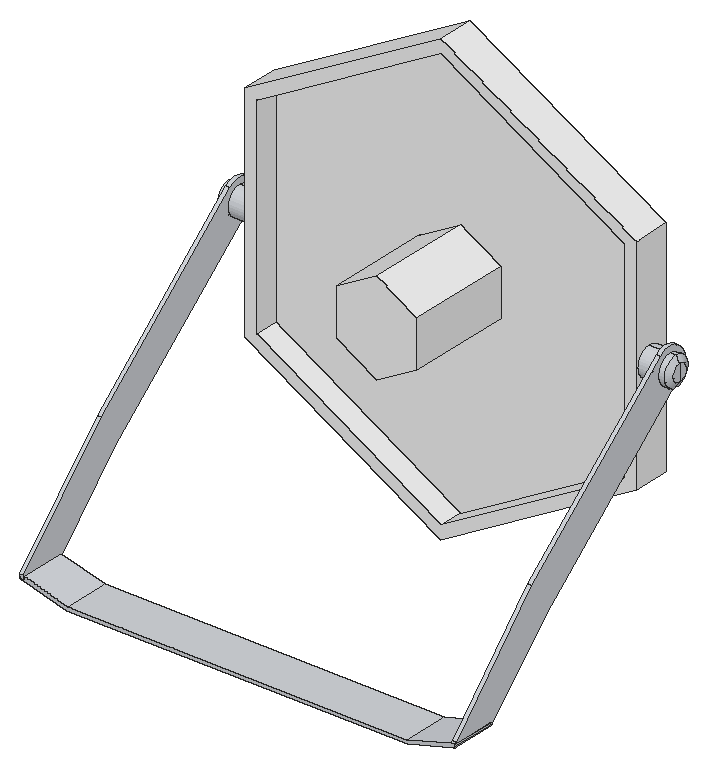
Revit family "Lighting-Proiezione-GEWISS-ESALITE-FL-PROIETTORI-LED_24K_DALI", category Apparecchi per illuminazione, host Superficie, Revit 2019
Family settings
  Host = Superficie
  Quota connettore circolare = Usa diametro
  Tipo di parte = Normale
  Taglio con vuoti quando caricato = No
  Sorgente d'illuminazione = Sì
  Condiviso = No
  Punto di calcolo locali = Sì
Parameters (values of type "GWS6455GD57K - ESALITE 24K ELL.5700K PRO+V.GR.DALI")
  Wattage = 9.2903 W
  Versioni = "Luce fredda 5700K"
  Versione file RFA = "20.11"
  Variazione temperatura colore lampada con luminosità attenuata = (empty or 0)
  VISIBILITA' SIMBOLO [instance] = yes
  VISIBILITA' LAMPADA PIANTA-LATERALE [instance] = not(VISIBILITA' SIMBOLO)  # no
  VISIBILITA' ETICHETTA [instance] = yes
  V = 0 V
  URL = "https://www.gewiss.com/it/it"
  Tipo alimentatore = "Driver Led Dali"
  Tensione = "220/240 V - 50/60 Hz"
  Temperatura di utilizzo = "-30 +50 °C"
  Temperatura di colore: = "5700 K (CRI>80)"
  built-in parameter 1150107 = 3200 (stored number, unit not read)
  Spostamento_y_effettivo_ET [instance] = 4000 mm - Spostamento_y_ET  # 2119.2 mm
  Spostamento_y_ET [instance] = 1880.8 mm
  Spostamento_X_effettivo_ET [instance] = 4000 mm - Spostamento_X_ET  # 3850.6 mm
  Spostamento_X_ET [instance] = 149.4 mm
  Schermo = "Vetro temprato"
  Scheda Tecnica = "https://www.gewiss.com/it/it/search?q=GWS6455GD57K"
  STAFFA = none
  SEO = "Proiettore"
  Resistenza alle sovratensioni : = "8KV in modalità comune; 6KV in modalità differenziale"
  Resistenza agli urti = "IK08"
  Default Elevation = 1219.2 mm
  Produttore = "GEWISS S.p.A."
  Potenza di sitema = "Wxxx"
  Potenza di sistema = "210W"
  Peso (kg): = "13,7"
  built-in parameter 1150110 = 1 (stored number, unit not read)
  built-in parameter 1150109 = 1 (stored number, unit not read)
  built-in parameter 1114218 = 1 (stored number, unit not read)
  built-in parameter 1150112 = 1 (stored number, unit not read)
  Ottica = "Ellittica"
  Numero poli = 1
  Modello = "GWS6455GD57K"
  built-in parameter 1150137 = (empty or 0)
  built-in parameter 1150132 = (empty or 0)
  Lumen output (lm) = "22200"
  Life time L90B10 (Tq 50Â°C) = "44000H"
  Life time L90B10 (Tq 25Â°C) = "100000H"
  Lampada: = "LED - Non sostituibile"
  built-in parameter 1150105 = 109.82 (stored number, unit not read)
  built-in parameter 1150102 = (empty or 0)
  Type Image = ESALITE_FL.jpg
  built-in parameter 1150106 = 1.0982 (stored number, unit not read)
  IDT = "f7a9a771bf584c71b29cfc4a92707170"
  IDF = "5aec9055-4099-401f-a7fb-c27d525fc254"
  Grado di protezione = "IP66"
  Garanzia = "5 anni"
  Flusso nominale (lm) = "29000"
  Lumens = 1380 lm
  Color Filter = 16777215
  File diagramma fotometrico = "GWS6455GD57K.IES"
  built-in parameter 1114217 = 1 (stored number, unit not read)
  built-in parameter 1150139 = (empty or 0)
  Emetti da lunghezza linea = 20 mm
  built-in parameter 1150104 = 13.8 (stored number, unit not read)
  built-in parameter 1150115 = 1 (stored number, unit not read)
  built-in parameter 1150114 = 1 (stored number, unit not read)
  built-in parameter 1150113 = 1 (stored number, unit not read)
  Descrizione = "ESALITE 24K ELL.5700K PRO+V.GR.DALI"
  Creato da GEWISS S.p.A. = ""
  Corrente di pilotaggio. = "0,9A"
  built-in parameter 1150134 = 3
  built-in parameter 1150138 = (empty or 0)
  Colore = "Grigio RAL 9006"
  Codice Electrocod = "2444"
  Classe isolamento = "I"
  Classe di efficienza LED integrati = "A ÷ A++"
  Catalogo Serie = "ESALITE FL - 24K"
  Catalogo = "LIGHTING"
  COBie.Tagnumber = ""
  COBie.CreatedOn = ""
  COBie.CreatebBy = ""
  COBie.ComponentRegisterItemID = ""
  COBie.Component.TagNumber = ""
  COBie.Component.Space = ""
  COBie.Component.SerialNumber = ""
  COBie.Component.InstallationDate = ""
  COBie.Component.Description = ""
  COBie.Component.BarCode = ""
  Applicazione = "Interno / Esterno"
  Tilt Angle = -90.00°
  built-in parameter 1150133 = 10 (stored number, unit not read)
Reference planes
  plane 1 "Centro (Fronte/Retro)": y = 0
  plane 2: z = 0
  plane 3 "Centro (Sinistra/Destra)": x = 0
  plane 4: z = 123
  plane 5: x = -0.012
  plane 6: x = -3850.612
  plane 7: y = -2119.2
  plane 8: y = 0
  plane 9: through (-1779.2, -702.001, 1219.2) normal (0.4695, 0.8829, 0)
  plane 10: through (203.705, -1575.119, 1219.2) normal (-0.866, 0.5, 0)
  plane 11: x = -235.613
  plane 12: x = 230.804
  plane 13: y = 188.046
  plane 14: y = -188.046
  plane 15: x = 235.613
  plane 16: x = -287.654
Forms (mm)
  Extrusion 1, solid, material <- "STAFFA"
    sketch origin (0, 0, 0) x (0, 1, 0) y (0, 0, 1)
      loop
        line (165.701, 304.396) -> (-29.601, 140.518) -> (-143.465, 19.872) -> (-147.703, 19.872) -> (-147.703, 15.381) -> (-92.184, 15.381) -> (-9.063, 99.991) -> (194.11, 270.474)
        arc (194.11, 270.474) -> (196.85, 301.627) -> (165.701, 304.396) r 22.123
    from 235.613 to 230.804
  Extrusion 2, solid, material <- "STAFFA"
    sketch origin (0, 0, 0) x (0, 1, 0) y (0, 0, -1)
      loop
        arc (165.701, -304.396) -> (196.85, -301.627) -> (194.11, -270.474) r 22.123
        line (194.11, -270.474) -> (-9.063, -99.991) -> (-92.184, -15.381) -> (-147.703, -15.381) -> (-147.703, -20.3) -> (-29.601, -140.518) -> (165.701, -304.396)
    from 287.654 to 292.463
  Extrusion 3, solid, material <- "STAFFA"
    sketch origin (0, 0, 0) x (1, 0, 0) y (0, 0, 1)
      loop
        line (-291.22, 15.044) -> (-235.613, 0) -> (179.379, 0) -> (234.986, 15.044)
        arc (234.986, 15.044) -> (235.883, 15.646) -> (236.229, 16.669) r 1.683
        line (236.229, 16.669) -> (236.229, 19.259) -> (231.42, 19.259) -> (178.011, 4.809) -> (-234.244, 4.809) -> (-287.654, 19.259) -> (-292.463, 19.259) -> (-292.463, 16.669)
        arc (-292.463, 16.669) -> (-292.117, 15.646) -> (-291.22, 15.044) r 1.683
    from 92.231 to 147.703
  Revolve 4, solid, material <- "STAFFA"
    sketch origin (0, 179.315, 13.188) x (1, 0, 0) y (0, 0, 1)
      loop
        line (-304.219, 272.041) -> (-304.219, 262.041) -> (-299.896, 254.554) -> (-266.552, 254.554) -> (-266.552, 272.041) -> (-304.219, 272.041)
      axis (-304.219, 272.041) -> (-266.552, 272.041)
    angle from 0 to 360
  Revolve 5, solid, material <- "STAFFA"
    sketch origin (-56.234, 179.315, 13.188) x (-1, 0, 0) y (0, 0, -1)
      loop
        line (-304.219, -272.041) -> (-266.552, -272.041) -> (-266.552, -254.554) -> (-299.896, -254.554) -> (-304.219, -262.041) -> (-304.219, -272.041)
      axis (-304.219, -272.041) -> (-266.552, -272.041)
    angle from 0 to 360
Cuts and joins
  joined: Extrusion 1, Extrusion 3
Text (mm)
  text "B-A=C" at (-2005.323, -1167.131, 0), in view "Livello rif."
  text "D+A-C=B" at (1746.792, 582.509, 0), in view "Livello rif."
Dimensions and locks
  "Spostamento_X_effettivo_ET": plane 6 to plane 5
  plane 6 to plane 3 "Centro (Sinistra/Destra)" = 3850.612 mm
  "Spostamento_y_effettivo_ET": plane 8 to plane 7
  plane 1 "Centro (Fronte/Retro)" to plane 7 = 2119.2 mm
  plane 11 to plane 12 = 466.417 mm
  plane 13 to plane 14 = 376.092 mm
  plane 12 to plane 15 = 4.809 mm
  plane 12 to plane 5 to plane 11 = 230.816 mm, 235.601 mm
  equal spacing: plane 11, plane 3 "Centro (Sinistra/Destra)", plane 15
  angle plane 9 to plane 7 = 28.00°
  angle plane 7 to plane 6 = 90.00°
  aligned and locked: plane 2 to host face
  aligned and locked: level to host face
  aligned and locked: plane 3 "Centro (Sinistra/Destra)" to imposter light
  aligned and locked: plane 5 to nested 1
  aligned and locked: nested 1 to plane 8
  aligned and locked: plane 12 to Extrusion 1
  aligned and locked: plane 15 to Extrusion 1
  aligned and locked: nested 2 to imposter light
  aligned and locked: nested 5 to nested 2  (x2)
  aligned and locked: nested 6 to plane 2
  aligned and locked: nested 6 to imposter light
  aligned and locked: nested 8 to plane 3 "Centro (Sinistra/Destra)"
  aligned and locked: nested 5 to nested 9
  aligned and locked: nested 9 to nested 6
  aligned and locked: nested 8 to plane 13
Automatic sketch dimensions
  host sketch curve to host sketch curve = 2438.4 mm  (x2)
  level to Extrusion 1 sketch curve = 19.872 mm
  plane 14 to Extrusion 1 sketch curve = 40.343 mm
  Extrusion 1 sketch curve to Extrusion 1 sketch curve = 4.238 mm
  level to Extrusion 1 sketch curve = 15.381 mm
  Extrusion 1 sketch curve to Extrusion 1 sketch curve = 51.28 mm
  plane 1 "Centro (Fronte/Retro)" to Extrusion 1 sketch curve = 29.601 mm
  plane 1 "Centro (Fronte/Retro)" to Extrusion 1 sketch curve = 9.063 mm
  Extrusion 1 sketch curve to plane 13 = 22.346 mm
  Extrusion 1 sketch curve to plane 13 = 8.156 mm
  plane 4 to Extrusion 1 sketch curve = 23.009 mm
  Extrusion 1 sketch curve to plane 4 = 17.518 mm
  Extrusion 1 sketch curve to plane 4 = 164.422 mm
  Extrusion 1 sketch curve to Extrusion 1 sketch curve = 16.974 mm
  plane 13 to Extrusion 1 sketch curve = 6.064 mm
  Extrusion 1 sketch curve to Extrusion 1 sketch curve = 0 mm  (x2)
  level to Extrusion 2 sketch curve = 15.381 mm
  plane 14 to Extrusion 2 sketch curve = 40.343 mm
  Extrusion 2 sketch curve to Extrusion 2 sketch curve = 55.519 mm
  plane 1 "Centro (Fronte/Retro)" to Extrusion 2 sketch curve = 29.601 mm
  plane 1 "Centro (Fronte/Retro)" to Extrusion 2 sketch curve = 9.063 mm
  Extrusion 2 sketch curve to plane 13 = 22.346 mm
  Extrusion 2 sketch curve to plane 13 = 8.156 mm
  Extrusion 2 sketch curve to Extrusion 2 sketch curve = 4.919 mm
  plane 4 to Extrusion 2 sketch curve = 23.009 mm
  Extrusion 2 sketch curve to plane 4 = 17.518 mm
  Extrusion 2 sketch curve to plane 4 = 164.422 mm
  Extrusion 2 sketch curve to Extrusion 2 sketch curve = 16.974 mm
  plane 13 to Extrusion 2 sketch curve = 6.064 mm
  Extrusion 2 sketch curve to Extrusion 2 sketch curve = 0 mm  (x2)
  Extrusion 3 sketch curve to plane 16 = 0 mm
  Extrusion 3 sketch curve to level = 0 mm
  Extrusion 3 sketch curve to plane 11 = 0 mm
  Extrusion 3 sketch curve to plane 16 = 3.126 mm
  Extrusion 3 sketch curve to Extrusion 3 sketch curve = 0.44 mm
  Extrusion 3 sketch curve to Extrusion 3 sketch curve = 1.683 mm
  plane 11 to Extrusion 3 sketch curve = 1.369 mm
  level to Extrusion 3 sketch curve = 4.809 mm
  Extrusion 3 sketch curve to plane 12 = 52.793 mm
  Extrusion 3 sketch curve to Extrusion 3 sketch curve = 1.369 mm
  plane 12 to Extrusion 3 sketch curve = 0.616 mm
  plane 15 to Extrusion 3 sketch curve = 1.067 mm
  plane 15 to Extrusion 3 sketch curve = 0.627 mm
  Extrusion 3 sketch curve to plane 15 = 0.616 mm
  level to Extrusion 3 sketch curve = 15.044 mm  (x2)
  Extrusion 3 sketch curve to Extrusion 3 sketch curve = 2.59 mm  (x2)
  Revolve 4 sketch curve to plane 16 = 16.565 mm
  Revolve 4 sketch curve to Revolve 4 sketch curve = 4.323 mm
  plane 16 to Revolve 4 sketch curve = 21.102 mm
  Revolve 4 sketch curve to plane 4 = 144.742 mm
  Revolve 4 sketch curve to Revolve 4 sketch curve = 7.487 mm
  Revolve 4 sketch curve to Revolve 4 sketch curve = 10 mm
  Revolve 4 sketch curve to Revolve 4 sketch curve = 0 mm  (x3)
  Revolve 5 sketch curve to plane 15 = 12.372 mm
  Revolve 5 sketch curve to plane 15 = 8.049 mm
  Revolve 5 sketch curve to plane 12 = 20.486 mm
  Revolve 5 sketch curve to plane 4 = 162.229 mm
  Revolve 5 sketch curve to Revolve 5 sketch curve = 10 mm
  Revolve 5 sketch curve to Revolve 5 sketch curve = 7.487 mm
  Revolve 5 sketch curve to Revolve 5 sketch curve = 0 mm  (x3)
Nested families
  nested 1: "etichetta Potenza Lampada" at (-0.012, 0, 0), visible <- "VISIBILITA' ETICHETTA", type "etichetta Potenza Lampada"
  nested 2: "ESALITE FL 24K PROIETTORI_BASE" at (-27.728, 8.264, 288.309) x (0, 0, -1) z (0, 1, 0), type "ESALITE FL 24K PROIETTORI_BASE"
  nested 3: "FL_24k_front" at (0, 0, 0) x (1, 0, 0) z (0, -1, 0), visible <- "VISIBILITA' LAMPADA PIANTA-LATERALE", type "FL_24k_front"
  nested 4: "SIMB_2D" at (-26.728, 0, 263) x (1, 0, 0) z (0, -1, 0), visible <- "VISIBILITA' SIMBOLO", type "SIMB_2D"
  nested 5: "SIMB_2D" at (0, 93.725, 288.309) x (0, 1, 0) z (1, 0, 0), visible <- "VISIBILITA' SIMBOLO", type "SIMB_2D"
  nested 6: "Laterale - FL24" at (0, 148.948, 0) x (0, 1, 0) z (1, 0, 0), visible <- "VISIBILITA' LAMPADA PIANTA-LATERALE", type "Laterale - FL24"
  nested 7: "Dall'alto - FL24" at (-25, 253.14, 0) x (-1, 0, 0) z (0, 0, 1), visible <- "VISIBILITA' LAMPADA PIANTA-LATERALE", type "Dall'alto - FL24"
  nested 8: "SIMB_2D" at (-64.515, 188.046, 0), visible <- "VISIBILITA' SIMBOLO", type "SIMB_2D"
  nested 9: "SIMB_2D" at (0, 93.725, 288.309) x (0, 1, 0) z (1, 0, 0), visible <- "VISIBILITA' SIMBOLO", type "SIMB_2D"
Connectors
  electrical at (-27.543, 63.264, 288.251), driven by "Numero poli", driven by "V"
    settings: on nested 2, index 1, voltage 0 V, apparent load 0 VA, apparent load phase1 0 VA, apparent load phase2 0 VA, apparent load phase3 0 VA, power factor 1, load classification "Illuminazione", number of poles 1, system type 31, power factor state 1, is connector primary yes, connector utility no, sub classification motor no, connector description ""
Definition of nested family "ESALITE FL 24K PROIETTORI_BASE"
  Parameters (values of type "ESALITE FL 24K PROIETTORI_BASE")
    Schermatura interna = none
    Default Elevation = 1219.2 mm
    LED = none
    Corpo luce = none
  Reference planes
    plane 1 "Centro (Fronte/Retro)": y = 0
    plane 2: z = 0
    plane 3 "Centro (Sinistra/Destra)": x = 0
    plane 4: x = -145.163
    plane 5: x = 145.28
    plane 6: y = 126.226
    plane 7: y = -125.856
    plane 8: y = 55.469
    plane 9: y = -55.099
    plane 10: x = -63.671
    plane 11: x = 63.788
    plane 12: y = -123.856
    plane 13: y = 124.226
    plane 14: y = -112.535
    plane 15: y = 112.905
    plane 16: y = -22
    plane 17: y = 22
    plane 18: y = -108.017
    plane 19: y = 108.387
    plane 20: through (-28.293, 49.29, 1200) normal (0.866, -0.5, 0)
    plane 21: y = 49.29
    plane 22: through (28.409, 49.29, 1200) normal (0.866, 0.5, 0)
    plane 23: through (28.409, -48.92, 1200) normal (-0.866, 0.5, 0)
    plane 24: y = -48.92
    plane 25: through (-56.644, 0.185, 1200) normal (0.866, 0.5, 0)
    plane 26: through (-31.86, 55.469, 1200) normal (0.866, -0.5, 0)
    plane 27: through (-63.778, 0.185, 1200) normal (0.866, 0.5, 0)
    plane 28: y = -55.099
    plane 29: through (63.894, 0.185, 1200) normal (0.866, -0.5, 0)
    plane 30: through (63.894, 0.185, 1200) normal (-0.866, -0.5, 0)
    plane 31: y = 55.469
    plane 32: z = 123.439
    plane 33: through (-65.51, 1.185, 1200) normal (-0.866, 0.5, 0)
    plane 34: through (-33.592, -56.099, 1200) normal (-0.866, -0.5, 0)
    plane 35: through (-65.51, 1.185, 1200) normal (-0.866, 0.5, 0)
    plane 36: y = 57.469
    plane 37: through (33.708, 56.469, 1200) normal (0.866, 0.5, 0)
    plane 38: through (65.626, -0.815, 1200) normal (0.866, -0.5, 0)
    plane 39: y = -57.099
    plane 40: y = -1
    plane 41: y = 1
    plane 42: x = -1
    plane 43: x = 0
    plane 44: y = 105.387
    plane 45: y = -105.017
    plane 46: z = 130
    plane 47: y = -103.017
    plane 48: y = 103.387
    plane 49: x = 1
    plane 50: through (-108.857, 187.546, 1200) normal (0.866, -0.5, 0)
    plane 51: y = 188.046
    plane 52: y = 174.478
    plane 53: through (-101.456, 173.228, 1200) normal (0.866, -0.5, 0)
    plane 54: through (-216.848, -0.5, 1200) normal (0.866, 0.5, 0)
    plane 55: through (-200.748, -1.25, 1200) normal (0.866, 0.5, 0)
    plane 56: y = -188.046
    plane 57: y = -174.478
    plane 58: y = 188.046
    plane 59: y = 174.478
    plane 60: through (200.748, 1.25, 1200) normal (-0.866, -0.5, 0)
    plane 61: through (216.848, 0.5, 1200) normal (-0.866, -0.5, 0)
    plane 62: through (108.857, -187.546, 1200) normal (-0.866, 0.5, 0)
    plane 63: through (101.456, -173.228, 1200) normal (-0.866, 0.5, 0)
    plane 64: z = 89
    plane 65: z = 134
    plane 66: z = 108.133
    plane 67: z = 123.439
    plane 68: z = 117.439
    plane 69: z = 128.439
    plane 70: z = 27.205
    plane 71: z = 152.205
    plane 72: z = 197.205
    plane 73: z = 199.205
    plane 74: z = 192.205
    plane 75: z = 182.205
    plane 76: z = 187.205
    plane 77: z = 184.113
    plane 78: x = -263
    plane 79: x = 263
    plane 80: x = -107.366
    plane 81: x = 108.568
  Forms (mm)
    Extrusion 1, solid, material <- "Corpo luce"
      sketch origin (0, 0, 0) x (1, 0, 0) y (0, 1, 0)
        loop
          line (-28.293, 49.29) -> (-56.644, 0.185) -> (-28.293, -48.92) -> (28.409, -48.92) -> (56.76, 0.185) -> (28.409, 49.29) -> (-28.293, 49.29)
      from 199.205 to 55
    Extrusion 2, solid, material <- "Corpo luce"
      sketch origin (0, 0, 0) x (1, 0, 0) y (0, 1, 0)
        loop
          line (136.312, -237.421) -> (273.387, 0) -> (135.951, 238.046) -> (-134.701, 238.046) -> (-272.137, 0) -> (-135.062, -237.421) -> (136.312, -237.421)
        loop
          line (128.478, -223.853) -> (257.72, 0) -> (128.117, 224.478) -> (-126.867, 224.478) -> (-256.47, 0) -> (-127.228, -223.853) -> (128.478, -223.853)
      from 152.205 to 197.205
    Extrusion 3, solid, material <- "Corpo luce"
      sketch origin (0, 0, 0) x (1, 0, 0) y (0, 1, 0)
        loop
          line (-260.455, 0) -> (-130.169, -225.662) -> (130.286, -225.662) -> (260.572, 0) -> (130.286, 225.662) -> (-130.169, 225.662) -> (-260.455, 0)
        loop
          line (-28.293, 49.29) -> (-56.644, 0.185) -> (-28.293, -48.92) -> (28.409, -48.92) -> (56.76, 0.185) -> (28.409, 49.29) -> (-28.293, 49.29)
      from 182.205 to 192.205
    Extrusion 4, void
      sketch origin (0, 0, 0) x (1, 0, 0) y (0, 1, 0)
        loop
          arc (-218.132, 27.925) -> (-211.783, 21.224) -> (-202.889, 18.755) r 17.255
          line (-202.889, 18.755) -> (-129.361, 18.755)
          arc (-129.361, 18.755) -> (-111.731, 23.479) -> (-98.826, 36.385) r 35.259
          line (-98.826, 36.385) -> (-64.175, 96.401)
          arc (-64.175, 96.401) -> (-58.775, 101.801) -> (-51.398, 103.778) r 14.754
          line (-51.398, 103.778) -> (51.398, 103.778)
          arc (51.398, 103.778) -> (58.775, 101.801) -> (64.175, 96.401) r 14.754
          line (64.175, 96.401) -> (98.854, 36.336)
          arc (98.854, 36.336) -> (111.756, 23.465) -> (129.361, 18.755) r 35.259
          line (129.361, 18.755) -> (202.889, 18.755)
          arc (202.889, 18.755) -> (211.784, 21.225) -> (218.133, 27.927) r 17.255
          arc (218.133, 27.927) -> (220.334, 36.472) -> (218.023, 44.987) r 17.255
          line (218.023, 44.987) -> (138.389, 182.917)
          arc (138.389, 182.917) -> (135.165, 187.129) -> (130.959, 190.359) r 20.255
          line (130.959, 190.359) -> (99.376, 208.593)
          arc (99.376, 208.593) -> (94.491, 210.617) -> (89.248, 211.307) r 20.255
          line (89.248, 211.307) -> (-89.248, 211.307)
          arc (-89.248, 211.307) -> (-94.491, 210.617) -> (-99.376, 208.593) r 20.255
          line (-99.376, 208.593) -> (-130.959, 190.359)
          arc (-130.959, 190.359) -> (-135.143, 187.15) -> (-138.358, 182.971) r 20.255
          line (-138.358, 182.971) -> (-218.023, 44.987)
          arc (-218.023, 44.987) -> (-220.334, 36.471) -> (-218.132, 27.925) r 17.255
        loop
          arc (-218.132, -27.925) -> (-220.334, -36.471) -> (-218.023, -44.987) r 17.255
          line (-218.023, -44.987) -> (-138.358, -182.971)
          arc (-138.358, -182.971) -> (-135.143, -187.15) -> (-130.959, -190.359) r 20.255
          line (-130.959, -190.359) -> (-99.376, -208.593)
          arc (-99.376, -208.593) -> (-94.491, -210.617) -> (-89.248, -211.307) r 20.255
          line (-89.248, -211.307) -> (89.248, -211.307)
          arc (89.248, -211.307) -> (94.491, -210.617) -> (99.376, -208.593) r 20.255
          line (99.376, -208.593) -> (130.959, -190.359)
          arc (130.959, -190.359) -> (135.165, -187.129) -> (138.389, -182.917) r 20.255
          line (138.389, -182.917) -> (218.023, -44.987)
          arc (218.023, -44.987) -> (220.334, -36.472) -> (218.133, -27.927) r 17.255
          arc (218.133, -27.927) -> (211.784, -21.225) -> (202.889, -18.755) r 17.255
          line (202.889, -18.755) -> (129.361, -18.755)
          arc (129.361, -18.755) -> (111.756, -23.465) -> (98.854, -36.336) r 35.259
          line (98.854, -36.336) -> (64.175, -96.401)
          arc (64.175, -96.401) -> (58.775, -101.801) -> (51.398, -103.778) r 14.754
          line (51.398, -103.778) -> (-51.398, -103.778)
          arc (-51.398, -103.778) -> (-58.775, -101.801) -> (-64.175, -96.401) r 14.754
          line (-64.175, -96.401) -> (-98.826, -36.385)
          arc (-98.826, -36.385) -> (-111.731, -23.479) -> (-129.361, -18.755) r 35.259
          line (-129.361, -18.755) -> (-202.889, -18.755)
          arc (-202.889, -18.755) -> (-211.783, -21.224) -> (-218.132, -27.925) r 17.255
      from 187.205 to 192.205
  Cuts and joins
    Extrusion 4 cuts Extrusion 3
  Lines and regions (mm)
    symbolic lines
      curve 1: line (0, 188.046, 0) -> (0, 193.046, 0)
      curve 2: line (0, -66.018, 0) -> (0, 66.018, 0)
      curve 3: line (-81.378, 0, 0) -> (81.378, 0, 0)
  Dimensions and locks
    locked: plane 6 to plane 13 at 2
    locked: plane 7 to plane 12 at 2
    locked: plane 15 to plane 13 at 11.321
    locked: plane 12 to plane 14 at 11.321
    plane 4 to plane 5 = 290.443 mm
    plane 7 to plane 6 = 252.082 mm
    Extrusion 1 to plane 70 = 172 mm
    plane 72 to plane 71 = 45 mm
    locked: plane 72 to plane 74 at 5
    locked: plane 74 to plane 75 at 10
    locked: plane 74 to plane 76 at 5
    locked: plane 76 to plane 77 at 3.092
    aligned and locked: level to plane 2
    aligned and locked: Extrusion 1 to plane 73
    aligned and locked: Extrusion 2 to plane 72
    aligned and locked: Extrusion 2 to plane 71
    aligned and locked: Extrusion 3 to plane 74
    aligned and locked: Extrusion 3 to plane 75
    aligned and locked: Extrusion 3 to Extrusion 4
    aligned and locked: Extrusion 4 to plane 76
Definition of nested family "etichetta Potenza Lampada"
  Parameters (values of type "etichetta Potenza Lampada")
    potenza lampada = "Wxxx"
  Reference planes
    plane 1: y = 0
    plane 2: x = 0
  Text (mm)
    label "QE" at (0.073, -0.194, 0), shows "potenza lampada"
Definition of nested family "FL_24k_front"
  Reference planes
    plane 1 "Centro (Fronte/Retro)": y = 0
    plane 2: z = 0
    plane 3 "Centro (Sinistra/Destra)": x = 0
  Lines and regions (mm)
    detail lines, in view "Livello rif."
      curve 1: arc (0.152, 547.845, 0) -> (-0.201, 549.651, 0) -> (-1.189, 551.204, 0) r 4.948
      curve 2: arc (-1.189, 551.204, 0) -> (-4.114, 552.759, 0) -> (-7.369, 552.145, 0) r 5.002
      curve 3: line (-7.369, 552.145, 0) -> (-232.393, 422.227, 0)
      curve 4: arc (-232.393, 422.227, 0) -> (-234.232, 420.395, 0) -> (-234.906, 417.888, 0) r 5.003
      curve 5: line (-234.906, 417.888, 0) -> (-234.906, 148.147, 0)
      curve 6: arc (-234.906, 148.147, 0) -> (-234.232, 145.64, 0) -> (-232.393, 143.808, 0) r 5.003
      curve 7: line (-232.393, 143.808, 0) -> (-1.321, 10.399, 0)
      curve 8: arc (8.588, 551.204, 0) -> (7.599, 549.651, 0) -> (7.247, 547.845, 0) r 4.948
      curve 9: line (0.152, 547.845, 0) -> (0.152, 372.274, 0)
      curve 10: line (0.152, 372.274, 0) -> (-75.373, 328.67, 0)
      curve 11: line (-75.373, 328.67, 0) -> (-75.373, 237.365, 0)
      curve 12: line (-75.373, 237.365, 0) -> (-1.321, 194.611, 0)
      curve 13: line (-1.321, 194.611, 0) -> (-1.321, 10.399, 0)
      curve 14: arc (-0.152, 547.845, 0) -> (0.201, 549.651, 0) -> (1.189, 551.204, 0) r 4.948
      curve 15: arc (1.189, 551.204, 0) -> (4.114, 552.759, 0) -> (7.369, 552.145, 0) r 5.002
      curve 16: line (7.369, 552.145, 0) -> (232.393, 422.227, 0)
      curve 17: arc (232.393, 422.227, 0) -> (234.232, 420.395, 0) -> (234.906, 417.888, 0) r 5.003
      curve 18: line (234.906, 417.888, 0) -> (234.906, 148.147, 0)
      curve 19: arc (234.906, 148.147, 0) -> (234.232, 145.64, 0) -> (232.393, 143.808, 0) r 5.003
      curve 20: line (232.393, 143.808, 0) -> (1.321, 10.399, 0)
      curve 21: arc (-8.588, 551.204, 0) -> (-7.599, 549.651, 0) -> (-7.247, 547.845, 0) r 4.948
      curve 22: line (-0.152, 547.845, 0) -> (-0.152, 372.274, 0)
      curve 23: line (-0.152, 372.274, 0) -> (75.373, 328.67, 0)
      curve 24: line (75.373, 328.67, 0) -> (75.373, 237.365, 0)
      curve 25: line (75.373, 237.365, 0) -> (1.321, 194.611, 0)
      curve 26: line (1.321, 194.611, 0) -> (1.321, 10.399, 0)
      curve 27: line (-168.734, 418.206, 0) -> (-50.895, 486.241, 0)
      curve 28: arc (-50.895, 486.241, 0) -> (-35.732, 486.152, 0) -> (-28.383, 472.89, 0) r 15.01
      curve 29: line (-28.383, 472.89, 0) -> (-29.828, 407.367, 0)
      curve 30: arc (-29.828, 407.367, 0) -> (-31.919, 400.05, 0) -> (-37.33, 394.699, 0) r 15.01
      curve 31: line (-37.33, 394.699, 0) -> (-96.261, 360.675, 0)
      curve 32: arc (-96.261, 360.675, 0) -> (-103.601, 358.665, 0) -> (-110.983, 360.512, 0) r 15.01
      curve 33: line (-110.983, 360.512, 0) -> (-168.468, 392.032, 0)
      curve 34: arc (-168.468, 392.032, 0) -> (-176.261, 405.041, 0) -> (-168.734, 418.206, 0) r 15.01
      curve 35: line (-109.603, 337.566, 0) -> (-109.603, 235.495, 0)
      curve 36: arc (-109.603, 235.495, 0) -> (-111.532, 228.133, 0) -> (-116.823, 222.664, 0) r 15.01
      curve 37: line (-116.823, 222.664, 0) -> (-172.862, 188.64, 0)
      curve 38: arc (-172.862, 188.64, 0) -> (-188.014, 188.389, 0) -> (-195.663, 201.471, 0) r 15.01
      curve 39: line (-195.663, 201.471, 0) -> (-195.663, 371.59, 0)
      curve 40: arc (-195.663, 371.59, 0) -> (-188.014, 384.671, 0) -> (-172.862, 384.42, 0) r 15.01
      curve 41: line (-172.862, 384.42, 0) -> (-116.823, 350.397, 0)
      curve 42: arc (-116.823, 350.397, 0) -> (-111.532, 344.927, 0) -> (-109.603, 337.566, 0) r 15.01
      curve 43: line (-37.33, 178.362, 0) -> (-96.261, 212.386, 0)
      curve 44: arc (-96.261, 212.385, 0) -> (-103.601, 214.396, 0) -> (-110.983, 212.548, 0) r 15.01
      curve 45: line (-110.983, 212.548, 0) -> (-168.468, 181.028, 0)
      curve 46: arc (-168.468, 181.028, 0) -> (-176.261, 168.019, 0) -> (-168.734, 154.854, 0) r 15.01
      curve 47: line (-168.734, 154.854, 0) -> (-50.895, 86.82, 0)
      curve 48: arc (-50.895, 86.82, 0) -> (-35.733, 86.908, 0) -> (-28.383, 100.17, 0) r 15.01
      curve 49: line (-28.383, 100.17, 0) -> (-29.828, 165.693, 0)
      curve 50: arc (-29.828, 165.693, 0) -> (-31.919, 173.01, 0) -> (-37.33, 178.362, 0) r 15.01
      curve 51: line (168.734, 418.206, 0) -> (50.895, 486.241, 0)
      curve 52: arc (50.895, 486.241, 0) -> (35.732, 486.152, 0) -> (28.383, 472.89, 0) r 15.01
      curve 53: line (28.383, 472.89, 0) -> (29.828, 407.367, 0)
      curve 54: arc (29.828, 407.367, 0) -> (31.919, 400.05, 0) -> (37.33, 394.699, 0) r 15.01
      curve 55: line (37.33, 394.699, 0) -> (96.261, 360.675, 0)
      curve 56: arc (96.261, 360.675, 0) -> (103.601, 358.665, 0) -> (110.983, 360.512, 0) r 15.01
      curve 57: line (110.983, 360.512, 0) -> (168.468, 392.032, 0)
      curve 58: arc (168.468, 392.032, 0) -> (176.261, 405.041, 0) -> (168.734, 418.206, 0) r 15.01
      curve 59: line (109.603, 337.566, 0) -> (109.603, 235.495, 0)
      curve 60: arc (109.603, 235.495, 0) -> (111.532, 228.133, 0) -> (116.823, 222.664, 0) r 15.01
      curve 61: line (116.823, 222.664, 0) -> (172.862, 188.64, 0)
      curve 62: arc (172.862, 188.64, 0) -> (188.014, 188.389, 0) -> (195.663, 201.471, 0) r 15.01
      curve 63: line (195.663, 201.471, 0) -> (195.663, 371.59, 0)
      curve 64: arc (195.663, 371.59, 0) -> (188.014, 384.671, 0) -> (172.862, 384.42, 0) r 15.01
      curve 65: line (172.862, 384.42, 0) -> (116.823, 350.397, 0)
      curve 66: arc (116.823, 350.397, 0) -> (111.532, 344.927, 0) -> (109.603, 337.566, 0) r 15.01
      curve 67: line (37.33, 178.362, 0) -> (96.261, 212.386, 0)
      curve 68: arc (96.261, 212.385, 0) -> (103.601, 214.396, 0) -> (110.983, 212.548, 0) r 15.01
      curve 69: line (110.983, 212.548, 0) -> (168.468, 181.028, 0)
      curve 70: arc (168.468, 181.028, 0) -> (176.261, 168.019, 0) -> (168.734, 154.854, 0) r 15.01
      curve 71: line (168.734, 154.854, 0) -> (50.895, 86.82, 0)
      curve 72: arc (50.895, 86.82, 0) -> (35.733, 86.908, 0) -> (28.383, 100.17, 0) r 15.01
      curve 73: line (28.383, 100.17, 0) -> (29.828, 165.693, 0)
      curve 74: arc (29.828, 165.693, 0) -> (31.919, 173.01, 0) -> (37.33, 178.362, 0) r 15.01
      curve 75: line (-269.621, 293.711, 0) -> (-247.605, 293.711, 0)
      curve 76: line (-269.621, 258.186, 0) -> (-269.621, 293.711, 0)
      curve 77: line (-247.605, 258.186, 0) -> (-269.621, 258.186, 0)
      curve 78: line (-247.605, 293.711, 0) -> (-247.605, 258.186, 0)
      curve 79: line (-275.125, 293.711, 0) -> (-282.715, 293.711, 0)
      curve 80: line (-275.125, 258.186, 0) -> (-275.125, 293.711, 0)
      curve 81: line (-282.715, 258.186, 0) -> (-275.125, 258.186, 0)
      curve 82: line (-282.715, 293.711, 0) -> (-282.715, 258.186, 0)
      curve 83: line (-275.125, 298.964, 0) -> (-269.451, 298.964, 0)
      curve 84: line (-275.125, 78.511, 0) -> (-275.125, 298.964, 0)
      curve 85: line (-269.451, 79.158, 0) -> (-275.125, 79.158, 0)
      curve 86: line (-269.451, 298.964, 0) -> (-269.451, 76.147, 0)
      curve 87: line (-230.594, 0, 0) -> (-275.125, 78.511, 0)
      curve 88: line (-269.451, 76.147, 0) -> (-227.928, 2.938, 0)
      curve 89: line (269.451, 299.789, 0) -> (274.454, 299.789, 0)
      curve 90: line (269.451, 76.147, 0) -> (269.451, 299.789, 0)
      curve 91: line (274.454, 79.915, 0) -> (269.451, 79.915, 0)
      curve 92: line (274.454, 299.789, 0) -> (274.454, 77.329, 0)
      curve 93: line (269.451, 79.158, 0) -> (275.125, 79.158, 0)
      curve 94: line (230.594, 0, 0) -> (274.454, 77.329, 0)
      curve 95: line (269.451, 76.147, 0) -> (227.928, 2.938, 0)
      curve 96: line (-227.928, 2.938, 0) -> (227.928, 2.938, 0)
      curve 97: line (-230.594, 0, 0) -> (230.594, 0, 0)
      curve 98: line (269.621, 293.711, 0) -> (247.605, 293.711, 0)
      curve 99: line (269.621, 258.186, 0) -> (269.621, 293.711, 0)
      curve 100: line (247.605, 258.186, 0) -> (269.621, 258.186, 0)
      curve 101: line (247.605, 293.711, 0) -> (247.605, 258.186, 0)
      curve 102: line (275.125, 293.711, 0) -> (282.715, 293.711, 0)
      curve 103: line (275.125, 258.186, 0) -> (275.125, 293.711, 0)
      curve 104: line (282.715, 258.186, 0) -> (275.125, 258.186, 0)
      curve 105: line (282.715, 293.711, 0) -> (282.715, 258.186, 0)
      curve 106: line (275.125, 298.964, 0) -> (269.451, 298.964, 0)
Definition of nested family "SIMB_2D"
  Reference planes
    plane 1 "Centro (Fronte/Retro)": y = 0
    plane 2: z = 0
    plane 3 "Centro (Sinistra/Destra)": x = 0
  Lines and regions (mm)
    detail lines, in view "Livello rif."
      curve 1: arc (111.745, -162.105, 0) -> (147.531, -0.161, 0) -> (111.745, 161.783, 0) r 384.317
      curve 2: arc (-22.999, -120.963, 0) -> (41.867, -149.74, 0) -> (111.745, -162.105, 0) r 293.432
      curve 3: arc (-22.999, 120.641, 0) -> (-85.303, -0.161, 0) -> (-22.999, -120.963, 0) r 148.264
      curve 4: arc (111.745, 161.783, 0) -> (41.867, 149.419, 0) -> (-22.999, 120.641, 0) r 293.432
      curve 5: line (111.745, 161.783, 0) -> (111.745, -162.105, 0)
      curve 6: line (64.515, -43.176, 0) -> (-21.885, -0.161, 0)
      curve 7: line (-21.885, -0.161, 0) -> (64.515, 43.371, 0)
      curve 8: line (64.515, 43.371, 0) -> (64.515, -43.176, 0)
      curve 9: line (-21.885, 43.113, 0) -> (-21.885, -43.434, 0)
      curve 10: line (-21.885, -0.161, 0) -> (-72.406, -0.161, 0)
      curve 11: line (64.515, 0.098, 0) -> (101.821, 0.098, 0)
Definition of nested family "Laterale - FL24"
  Reference planes
    plane 1 "Centro (Fronte/Retro)": y = 0
    plane 2: z = 0
    plane 3 "Centro (Sinistra/Destra)": x = 0
  Lines and regions (mm)
    detail lines, in view "Livello rif."
      curve 1: arc (-85.55, 290.28, 0) -> (-81.379, 292.068, 0) -> (-79.651, 296.265, 0) r 6.004
      curve 2: arc (-79.651, 269.739, 0) -> (-81.363, 273.95, 0) -> (-85.536, 275.755, 0) r 6.004
      curve 3: line (-59.642, 138.254, 0) -> (-59.849, 138.348, 0)
      curve 4: line (-59.849, 138.348, 0) -> (-60.162, 138.432, 0)
      curve 5: line (-60.162, 138.432, 0) -> (-60.583, 138.479, 0)
      curve 6: line (-65.164, 427.446, 0) -> (-65.77, 427.399, 0)
      curve 7: line (-65.77, 427.399, 0) -> (-66.366, 427.286, 0)
      curve 8: line (-66.366, 427.286, 0) -> (-66.944, 427.11, 0)
      curve 9: line (-66.944, 427.11, 0) -> (-67.497, 426.871, 0)
      curve 10: line (-67.497, 426.871, 0) -> (-68.015, 426.573, 0)
      curve 11: line (-68.015, 426.573, 0) -> (-68.492, 426.218, 0)
      curve 12: line (-68.492, 426.218, 0) -> (-68.919, 425.81, 0)
      curve 13: line (-68.919, 425.81, 0) -> (-69.289, 425.355, 0)
      curve 14: line (-69.289, 425.355, 0) -> (-69.595, 424.858, 0)
      curve 15: line (-69.595, 424.858, 0) -> (-69.789, 424.435, 0)
      curve 16: line (-69.789, 424.435, 0) -> (-69.934, 423.995, 0)
      curve 17: line (-69.934, 423.995, 0) -> (-70.01, 423.657, 0)
      curve 18: arc (-70.01, 423.657, 0) -> (-72.285, 410.377, 0) -> (-74.529, 397.092, 0) r 5748.451
      curve 19: line (-65.164, 427.446, 0) -> (-65.77, 427.399, 0)
      curve 20: line (-65.77, 427.399, 0) -> (-66.366, 427.286, 0)
      curve 21: line (-66.366, 427.286, 0) -> (-66.944, 427.11, 0)
      curve 22: line (-66.944, 427.11, 0) -> (-67.497, 426.871, 0)
      curve 23: line (-67.497, 426.871, 0) -> (-68.015, 426.573, 0)
      curve 24: line (-68.015, 426.573, 0) -> (-68.492, 426.218, 0)
      curve 25: line (-68.492, 426.218, 0) -> (-68.919, 425.81, 0)
      curve 26: line (-68.919, 425.81, 0) -> (-69.289, 425.355, 0)
      curve 27: line (-69.289, 425.355, 0) -> (-69.595, 424.858, 0)
      curve 28: line (-69.595, 424.858, 0) -> (-69.789, 424.435, 0)
      curve 29: line (-69.789, 424.435, 0) -> (-69.934, 423.995, 0)
      curve 30: line (-69.934, 423.995, 0) -> (-70.01, 423.657, 0)
      curve 31: line (-65.164, 138.589, 0) -> (-65.77, 138.636, 0)
      curve 32: line (-65.77, 138.636, 0) -> (-66.366, 138.749, 0)
      curve 33: line (-66.366, 138.749, 0) -> (-66.944, 138.925, 0)
      curve 34: line (-66.944, 138.925, 0) -> (-67.497, 139.164, 0)
      curve 35: line (-67.497, 139.164, 0) -> (-68.015, 139.462, 0)
      curve 36: line (-68.015, 139.462, 0) -> (-68.492, 139.817, 0)
      curve 37: line (-68.492, 139.817, 0) -> (-68.919, 140.225, 0)
      curve 38: line (-68.919, 140.225, 0) -> (-69.289, 140.68, 0)
      curve 39: line (-69.289, 140.68, 0) -> (-69.595, 141.177, 0)
      curve 40: line (-69.595, 141.177, 0) -> (-69.789, 141.6, 0)
      curve 41: line (-69.789, 141.6, 0) -> (-69.934, 142.04, 0)
      curve 42: line (-69.934, 142.04, 0) -> (-70.01, 142.378, 0)
      curve 43: line (-70.014, 142.42, 0) -> (-73.582, 164.382, 0)
      curve 44: line (-73.582, 164.382, 0) -> (-73.937, 166.419, 0)
      curve 45: line (-73.937, 166.419, 0) -> (-74.183, 167.648, 0)
      curve 46: line (-74.183, 167.648, 0) -> (-74.346, 168.335, 0)
      curve 47: line (-74.346, 168.335, 0) -> (-74.535, 168.946, 0)
      curve 48: arc (-76.886, 196.435, 0) -> (-75.799, 182.683, 0) -> (-74.535, 168.946, 0) r 1060.11
      curve 49: arc (-79.651, 269.77, 0) -> (-79.599, 262.054, 0) -> (-79.491, 254.339, 0) r 1059.293
      curve 50: arc (-135.704, 289.405, 0) -> (-136.406, 289.108, 0) -> (-136.695, 288.404, 0) r 1.001
      curve 51: arc (-136.695, 277.631, 0) -> (-136.406, 276.927, 0) -> (-135.704, 276.63, 0) r 1.001
      curve 52: arc (-101.07, 336.118, 0) -> (-101.006, 336.051, 0) -> (-100.919, 336.015, 0) r 0.227
      curve 53: line (-102.02, 358.048, 0) -> (-101.992, 357.808, 0)
      curve 54: line (-101.992, 357.808, 0) -> (-101.967, 357.438, 0)
      curve 55: line (-101.967, 357.438, 0) -> (-101.919, 356.289, 0)
      curve 56: line (-101.919, 356.289, 0) -> (-101.87, 354.548, 0)
      curve 57: line (-101.87, 354.548, 0) -> (-101.779, 350.171, 0)
      curve 58: line (-101.779, 350.171, 0) -> (-101.687, 344.68, 0)
      curve 59: line (-101.687, 344.68, 0) -> (-101.571, 337.521, 0)
      curve 60: line (-101.571, 337.521, 0) -> (-101.54, 337.133, 0)
      curve 61: line (-101.54, 337.133, 0) -> (-101.46, 336.794, 0)
      curve 62: arc (-101.071, 336.12, 0) -> (-101.2, 336.324, 0) -> (-101.332, 336.526, 0) r 15.147
      curve 63: line (-104.538, 335.554, 0) -> (-104.44, 330.973, 0)
      curve 64: line (-104.44, 330.973, 0) -> (-104.385, 329.274, 0)
      curve 65: line (-104.385, 329.274, 0) -> (-104.347, 328.508, 0)
      curve 66: line (-104.347, 328.508, 0) -> (-104.308, 328.101, 0)
      curve 67: line (-105.023, 358.048, 0) -> (-104.994, 357.808, 0)
      curve 68: line (-104.994, 357.808, 0) -> (-104.969, 357.438, 0)
      curve 69: line (-104.969, 357.438, 0) -> (-104.921, 356.289, 0)
      curve 70: line (-104.921, 356.289, 0) -> (-104.872, 354.548, 0)
      curve 71: line (-104.872, 354.548, 0) -> (-104.781, 350.171, 0)
      curve 72: line (-104.781, 350.171, 0) -> (-104.684, 344.356, 0)
      curve 73: line (-104.684, 344.356, 0) -> (-104.538, 335.554, 0)
      curve 74: line (-107.54, 335.554, 0) -> (-107.442, 330.973, 0)
      curve 75: line (-107.442, 330.973, 0) -> (-107.387, 329.274, 0)
      curve 76: line (-107.387, 329.274, 0) -> (-107.349, 328.508, 0)
      curve 77: line (-107.349, 328.508, 0) -> (-107.31, 328.101, 0)
      curve 78: line (-108.025, 358.048, 0) -> (-107.996, 357.808, 0)
      curve 79: line (-107.996, 357.808, 0) -> (-107.971, 357.438, 0)
      curve 80: line (-107.971, 357.438, 0) -> (-107.923, 356.289, 0)
      curve 81: line (-107.923, 356.289, 0) -> (-107.874, 354.548, 0)
      curve 82: line (-107.874, 354.548, 0) -> (-107.783, 350.171, 0)
      curve 83: line (-107.783, 350.171, 0) -> (-107.686, 344.356, 0)
      curve 84: line (-107.686, 344.356, 0) -> (-107.54, 335.554, 0)
      curve 85: line (-110.382, 329.097, 0) -> (-110.345, 328.411, 0)
      curve 86: line (-110.345, 328.411, 0) -> (-110.326, 328.197, 0)
      curve 87: arc (-101.558, 357.246, 0) -> (-101.481, 357.175, 0) -> (-101.38, 357.149, 0) r 0.209
      curve 88: arc (-102.13, 328.969, 0) -> (-102.232, 328.944, 0) -> (-102.308, 328.873, 0) r 0.209
      curve 89: arc (-103.06, 357.248, 0) -> (-102.984, 357.176, 0) -> (-102.882, 357.149, 0) r 0.209
      curve 90: arc (-102.882, 357.149, 0) -> (-102.78, 357.175, 0) -> (-102.703, 357.247, 0) r 0.209
      curve 91: arc (-103.633, 328.97, 0) -> (-103.734, 328.943, 0) -> (-103.81, 328.871, 0) r 0.209
      curve 92: arc (-103.454, 328.872, 0) -> (-103.531, 328.944, 0) -> (-103.633, 328.97, 0) r 0.209
      curve 93: arc (-104.56, 357.247, 0) -> (-104.481, 357.173, 0) -> (-104.374, 357.149, 0) r 0.209
      curve 94: arc (-104.374, 357.149, 0) -> (-104.278, 357.177, 0) -> (-104.205, 357.246, 0) r 0.21
      curve 95: arc (-105.127, 328.969, 0) -> (-105.232, 328.945, 0) -> (-105.311, 328.871, 0) r 0.209
      curve 96: arc (-104.955, 328.872, 0) -> (-105.029, 328.942, 0) -> (-105.127, 328.969, 0) r 0.209
      curve 97: arc (-106.061, 357.247, 0) -> (-105.982, 357.173, 0) -> (-105.875, 357.149, 0) r 0.209
      curve 98: arc (-105.875, 357.149, 0) -> (-105.779, 357.177, 0) -> (-105.706, 357.246, 0) r 0.21
      curve 99: arc (-106.628, 328.969, 0) -> (-106.733, 328.945, 0) -> (-106.812, 328.871, 0) r 0.209
      curve 100: arc (-106.456, 328.872, 0) -> (-106.53, 328.942, 0) -> (-106.628, 328.969, 0) r 0.209
      curve 101: arc (-107.562, 357.247, 0) -> (-107.483, 357.173, 0) -> (-107.376, 357.149, 0) r 0.209
      curve 102: arc (-107.376, 357.149, 0) -> (-107.28, 357.177, 0) -> (-107.207, 357.246, 0) r 0.21
      curve 103: arc (-108.129, 328.969, 0) -> (-108.234, 328.945, 0) -> (-108.313, 328.871, 0) r 0.209
      curve 104: arc (-107.957, 328.872, 0) -> (-108.031, 328.942, 0) -> (-108.129, 328.969, 0) r 0.209
      curve 105: arc (-109.064, 357.247, 0) -> (-108.984, 357.173, 0) -> (-108.878, 357.149, 0) r 0.209
      curve 106: arc (-108.878, 357.149, 0) -> (-108.781, 357.177, 0) -> (-108.708, 357.246, 0) r 0.21
      curve 107: arc (-109.63, 328.969, 0) -> (-109.735, 328.945, 0) -> (-109.814, 328.871, 0) r 0.209
      curve 108: arc (-109.458, 328.872, 0) -> (-109.532, 328.942, 0) -> (-109.63, 328.969, 0) r 0.209
      curve 109: arc (-110.382, 357.149, 0) -> (-110.283, 357.176, 0) -> (-110.208, 357.247, 0) r 0.209
      curve 110: arc (-100.126, 328.56, 0) -> (-100.296, 328.854, 0) -> (-100.616, 328.969, 0) r 0.496
      curve 111: line (-100.178, 328.71, 0) -> (-100.141, 327.079, 0)
      curve 112: line (-100.141, 327.079, 0) -> (-100.119, 326.598, 0)
      curve 113: line (-100.119, 326.598, 0) -> (-100.09, 326.412, 0)
      curve 114: line (-100.09, 326.412, 0) -> (-100.009, 326.249, 0)
      curve 115: line (-100.009, 326.249, 0) -> (-99.878, 326.127, 0)
      curve 116: line (-99.878, 326.127, 0) -> (-99.713, 326.059, 0)
      curve 117: line (-95.205, 327.436, 0) -> (-95.226, 326.757, 0)
      curve 118: line (-95.226, 326.757, 0) -> (-95.246, 326.501, 0)
      curve 119: line (-95.246, 326.501, 0) -> (-95.305, 326.313, 0)
      curve 120: line (-95.305, 326.313, 0) -> (-95.418, 326.172, 0)
      curve 121: line (-95.418, 326.172, 0) -> (-95.572, 326.08, 0)
      curve 122: line (-95.572, 326.08, 0) -> (-95.749, 326.048, 0)
      curve 123: arc (-94.707, 327.879, 0) -> (-95.04, 327.752, 0) -> (-95.205, 327.436, 0) r 0.502
      curve 124: arc (-100.598, 357.149, 0) -> (-100.354, 357.223, 0) -> (-100.178, 357.409, 0) r 0.499
      curve 125: line (-100.179, 357.363, 0) -> (-100.141, 359.045, 0)
      curve 126: line (-100.141, 359.045, 0) -> (-100.119, 359.522, 0)
      curve 127: line (-100.119, 359.522, 0) -> (-100.089, 359.708, 0)
      curve 128: line (-100.089, 359.708, 0) -> (-100.008, 359.871, 0)
      curve 129: line (-100.008, 359.871, 0) -> (-99.877, 359.992, 0)
      curve 130: line (-99.877, 359.992, 0) -> (-99.713, 360.06, 0)
      curve 131: line (-95.198, 358.485, 0) -> (-95.214, 359.045, 0)
      curve 132: line (-95.214, 359.045, 0) -> (-95.236, 359.522, 0)
      curve 133: line (-95.236, 359.522, 0) -> (-95.265, 359.708, 0)
      curve 134: line (-95.265, 359.708, 0) -> (-95.347, 359.871, 0)
      curve 135: line (-95.347, 359.871, 0) -> (-95.478, 359.992, 0)
      curve 136: line (-95.478, 359.992, 0) -> (-95.642, 360.06, 0)
      curve 137: arc (-95.198, 358.485, 0) -> (-95.016, 358.306, 0) -> (-94.769, 358.24, 0) r 0.5
      curve 138: arc (-113.384, 355.172, 0) -> (-113.381, 355.296, 0) -> (-113.384, 355.42, 0) r 2.754
      curve 139: arc (-113.384, 351.159, 0) -> (-113.381, 351.259, 0) -> (-113.384, 351.36, 0) r 1.805
      curve 140: arc (-113.384, 343.255, 0) -> (-113.382, 343.391, 0) -> (-113.384, 343.527, 0) r 3.41
      curve 141: arc (-113.384, 338.203, 0) -> (-113.381, 338.346, 0) -> (-113.384, 338.489, 0) r 3.67
      curve 142: arc (-113.384, 328.093, 0) -> (-113.381, 328.194, 0) -> (-113.384, 328.294, 0) r 1.835
      curve 143: arc (-110.382, 359.86, 0) -> (-110.439, 360.005, 0) -> (-110.582, 360.065, 0) r 0.2
      curve 144: arc (-110.591, 326.054, 0) -> (-110.445, 326.108, 0) -> (-110.382, 326.25, 0) r 0.2
      curve 145: arc (-122.808, 360.673, 0) -> (-124.303, 360.438, 0) -> (-125.782, 360.112, 0) r 25.018
      curve 146: arc (-113.382, 360.065, 0) -> (-117.498, 360.777, 0) -> (-121.675, 360.789, 0) r 24.866
      curve 147: arc (-125.782, 326.007, 0) -> (-124.296, 325.68, 0) -> (-122.792, 325.444, 0) r 25.018
      curve 148: arc (-121.646, 325.327, 0) -> (-117.484, 325.343, 0) -> (-113.384, 326.054, 0) r 24.86
      curve 149: arc (-121.675, 360.789, 0) -> (-122.242, 360.738, 0) -> (-122.808, 360.673, 0) r 25.762
      curve 150: line (-126.215, 358.294, 0) -> (-126.173, 359.564, 0)
      curve 151: line (-126.173, 359.564, 0) -> (-126.141, 359.768, 0)
      curve 152: line (-126.141, 359.768, 0) -> (-126.055, 359.934, 0)
      curve 153: line (-126.055, 359.934, 0) -> (-125.917, 360.056, 0)
      curve 154: arc (-122.792, 325.444, 0) -> (-122.214, 325.378, 0) -> (-121.635, 325.326, 0) r 25.718
      curve 155: line (-126.21, 327.659, 0) -> (-126.184, 326.768, 0)
      curve 156: line (-126.184, 326.768, 0) -> (-126.165, 326.47, 0)
      curve 157: line (-126.165, 326.47, 0) -> (-126.114, 326.28, 0)
      curve 158: line (-126.114, 326.28, 0) -> (-126.005, 326.131, 0)
      curve 159: line (-126.005, 326.131, 0) -> (-125.852, 326.031, 0)
      curve 160: arc (-126.655, 358.012, 0) -> (-126.395, 358.091, 0) -> (-126.215, 358.294, 0) r 0.5
      curve 161: arc (-126.21, 327.659, 0) -> (-126.371, 327.976, 0) -> (-126.702, 328.107, 0) r 0.502
      curve 162: arc (-132.255, 358.012, 0) -> (-132.443, 357.972, 0) -> (-132.603, 357.865, 0) r 0.501
      curve 163: arc (-132.603, 328.254, 0) -> (-132.443, 328.147, 0) -> (-132.255, 328.107, 0) r 0.501
      curve 164: arc (-133.398, 329.257, 0) -> (-133.36, 329.065, 0) -> (-133.252, 328.903, 0) r 0.5
      curve 165: arc (-133.252, 357.216, 0) -> (-133.36, 357.053, 0) -> (-133.398, 356.862, 0) r 0.5
      curve 166: arc (-81.148, 358.24, 0) -> (-81.046, 358.48, 0) -> (-80.972, 358.731, 0) r 2.285
      curve 167: arc (-80.972, 358.731, 0) -> (-80.928, 358.98, 0) -> (-80.912, 359.233, 0) r 2.265
      curve 168: arc (-80.61, 364.415, 0) -> (-80.823, 364.328, 0) -> (-80.912, 364.115, 0) r 0.3
      curve 169: arc (0, 15.899, 0) -> (0.285, 15.199, 0) -> (0.979, 14.899, 0) r 1.001
      curve 170: line (0, 33.93, 0) -> (-0.208, 34.046, 0)
      curve 171: line (-0.208, 34.046, 0) -> (-0.58, 34.163, 0)
      curve 172: line (-0.58, 34.163, 0) -> (-0.981, 34.213, 0)
      curve 173: line (-15.159, 34.489, 0) -> (-16.178, 34.522, 0)
      curve 174: line (-16.178, 34.522, 0) -> (-17.197, 34.581, 0)
      curve 175: line (-17.197, 34.581, 0) -> (-18.212, 34.665, 0)
      curve 176: line (-18.212, 34.665, 0) -> (-19.226, 34.775, 0)
      curve 177: line (-19.226, 34.775, 0) -> (-20.234, 34.911, 0)
      curve 178: line (-20.234, 34.911, 0) -> (-21.239, 35.072, 0)
      curve 179: line (-21.239, 35.072, 0) -> (-22.237, 35.258, 0)
      curve 180: line (-22.237, 35.258, 0) -> (-23.23, 35.47, 0)
      curve 181: line (-23.23, 35.47, 0) -> (-24.214, 35.706, 0)
      curve 182: line (-24.214, 35.706, 0) -> (-25.191, 35.968, 0)
      curve 183: line (-25.191, 35.968, 0) -> (-26.158, 36.254, 0)
      curve 184: line (-26.158, 36.254, 0) -> (-27.117, 36.565, 0)
      curve 185: line (-27.117, 36.565, 0) -> (-28.063, 36.899, 0)
      curve 186: line (-28.063, 36.899, 0) -> (-29, 37.258, 0)
      curve 187: line (-29, 37.258, 0) -> (-29.923, 37.639, 0)
      curve 188: line (-29.923, 37.639, 0) -> (-30.835, 38.045, 0)
      curve 189: line (-30.835, 38.045, 0) -> (-31.731, 38.473, 0)
      curve 190: line (-31.731, 38.473, 0) -> (-32.615, 38.925, 0)
      curve 191: line (-32.615, 38.925, 0) -> (-33.482, 39.397, 0)
      curve 192: line (-33.482, 39.397, 0) -> (-34.335, 39.893, 0)
      curve 193: line (-34.335, 39.893, 0) -> (-35.168, 40.408, 0)
      curve 194: line (-35.168, 40.408, 0) -> (-35.987, 40.947, 0)
      curve 195: line (-35.987, 40.947, 0) -> (-36.785, 41.504, 0)
      curve 196: line (-36.785, 41.504, 0) -> (-37.567, 42.083, 0)
      curve 197: line (-37.567, 42.083, 0) -> (-38.327, 42.679, 0)
      curve 198: line (-38.327, 42.679, 0) -> (-39.069, 43.297, 0)
      curve 199: line (-39.069, 43.297, 0) -> (-39.788, 43.932, 0)
      curve 200: line (-39.788, 43.932, 0) -> (-40.488, 44.587, 0)
      curve 201: line (-40.488, 44.587, 0) -> (-41.164, 45.257, 0)
      curve 202: line (-41.164, 45.257, 0) -> (-41.819, 45.946, 0)
      curve 203: line (-41.819, 45.946, 0) -> (-42.449, 46.65, 0)
      curve 204: line (-42.449, 46.65, 0) -> (-43.058, 47.372, 0)
      curve 205: line (-43.058, 47.372, 0) -> (-43.64, 48.106, 0)
      curve 206: line (-43.64, 48.106, 0) -> (-44.199, 48.858, 0)
      curve 207: line (-44.199, 48.858, 0) -> (-44.731, 49.621, 0)
      curve 208: line (-44.731, 49.621, 0) -> (-45.239, 50.4, 0)
      curve 209: line (-45.239, 50.4, 0) -> (-45.72, 51.19, 0)
      curve 210: line (-45.72, 51.19, 0) -> (-46.175, 51.994, 0)
      curve 211: line (-46.175, 51.994, 0) -> (-46.602, 52.806, 0)
      curve 212: line (-46.602, 52.806, 0) -> (-47.002, 53.632, 0)
      curve 213: line (-47.002, 53.632, 0) -> (-47.374, 54.466, 0)
      curve 214: line (-47.374, 54.466, 0) -> (-47.718, 55.31, 0)
      curve 215: line (-47.718, 55.31, 0) -> (-48.033, 56.162, 0)
      curve 216: line (-48.033, 56.162, 0) -> (-48.32, 57.023, 0)
      curve 217: line (-48.32, 57.023, 0) -> (-48.577, 57.889, 0)
      curve 218: line (-48.577, 57.889, 0) -> (-48.806, 58.763, 0)
      curve 219: line (-48.806, 58.763, 0) -> (-49.005, 59.641, 0)
      curve 220: line (-49.005, 59.641, 0) -> (-49.174, 60.525, 0)
      curve 221: line (56.942, 552.815, 0) -> (60.042, 542.087, 0)
      curve 222: arc (0.979, 551.136, 0) -> (0.285, 550.836, 0) -> (0, 550.136, 0) r 1.001
      curve 223: arc (-0.949, 531.823, 0) -> (-0.459, 531.902, 0) -> (0, 532.089, 0) r 2.206
      curve 224: line (-15.159, 531.546, 0) -> (-16.178, 531.513, 0)
      curve 225: line (-16.178, 531.513, 0) -> (-17.197, 531.454, 0)
      curve 226: line (-17.197, 531.454, 0) -> (-18.212, 531.37, 0)
      curve 227: line (-18.212, 531.37, 0) -> (-19.226, 531.26, 0)
      curve 228: line (-19.226, 531.26, 0) -> (-20.234, 531.124, 0)
      curve 229: line (-20.234, 531.124, 0) -> (-21.239, 530.963, 0)
      curve 230: line (-21.239, 530.963, 0) -> (-22.237, 530.777, 0)
      curve 231: line (-22.237, 530.777, 0) -> (-23.23, 530.565, 0)
      curve 232: line (-23.23, 530.565, 0) -> (-24.214, 530.329, 0)
      curve 233: line (-24.214, 530.329, 0) -> (-25.191, 530.067, 0)
      curve 234: line (-25.191, 530.067, 0) -> (-26.158, 529.781, 0)
      curve 235: line (-26.158, 529.781, 0) -> (-27.117, 529.47, 0)
      curve 236: line (-27.117, 529.47, 0) -> (-28.063, 529.136, 0)
      curve 237: line (-28.063, 529.136, 0) -> (-29, 528.777, 0)
      curve 238: line (-29, 528.777, 0) -> (-29.923, 528.396, 0)
      curve 239: line (-29.923, 528.396, 0) -> (-30.835, 527.99, 0)
      curve 240: line (-30.835, 527.99, 0) -> (-31.731, 527.562, 0)
      curve 241: line (-31.731, 527.562, 0) -> (-32.615, 527.11, 0)
      curve 242: line (-32.615, 527.11, 0) -> (-33.482, 526.638, 0)
      curve 243: line (-33.482, 526.638, 0) -> (-34.335, 526.142, 0)
      curve 244: line (-34.335, 526.142, 0) -> (-35.168, 525.627, 0)
      curve 245: line (-35.168, 525.627, 0) -> (-35.987, 525.088, 0)
      curve 246: line (-35.987, 525.088, 0) -> (-36.785, 524.531, 0)
      curve 247: line (-36.785, 524.531, 0) -> (-37.567, 523.952, 0)
      curve 248: line (-37.567, 523.952, 0) -> (-38.327, 523.356, 0)
      curve 249: line (-38.327, 523.356, 0) -> (-39.069, 522.738, 0)
      curve 250: line (-39.069, 522.738, 0) -> (-39.788, 522.103, 0)
      curve 251: line (-39.788, 522.103, 0) -> (-40.488, 521.449, 0)
      curve 252: line (-40.488, 521.449, 0) -> (-41.164, 520.778, 0)
      curve 253: line (-41.164, 520.778, 0) -> (-41.819, 520.089, 0)
      curve 254: line (-41.819, 520.089, 0) -> (-42.449, 519.386, 0)
      curve 255: line (-42.449, 519.386, 0) -> (-43.058, 518.664, 0)
      curve 256: line (-43.058, 518.664, 0) -> (-43.64, 517.929, 0)
      curve 257: line (-43.64, 517.929, 0) -> (-44.199, 517.177, 0)
      curve 258: line (-44.199, 517.177, 0) -> (-44.731, 516.414, 0)
      curve 259: line (-44.731, 516.414, 0) -> (-45.239, 515.635, 0)
      curve 260: line (-45.239, 515.635, 0) -> (-45.72, 514.846, 0)
      curve 261: line (-45.72, 514.846, 0) -> (-46.175, 514.041, 0)
      curve 262: line (-46.175, 514.041, 0) -> (-46.602, 513.229, 0)
      curve 263: line (-46.602, 513.229, 0) -> (-47.002, 512.403, 0)
      curve 264: line (-47.002, 512.403, 0) -> (-47.374, 511.57, 0)
      curve 265: line (-47.374, 511.57, 0) -> (-47.718, 510.725, 0)
      curve 266: line (-47.718, 510.725, 0) -> (-48.033, 509.873, 0)
      curve 267: line (-48.033, 509.873, 0) -> (-48.32, 509.012, 0)
      curve 268: line (-48.32, 509.012, 0) -> (-48.577, 508.146, 0)
      curve 269: line (-48.577, 508.146, 0) -> (-48.806, 507.272, 0)
      curve 270: line (-48.806, 507.272, 0) -> (-49.005, 506.394, 0)
      curve 271: line (-49.005, 506.394, 0) -> (-49.174, 505.51, 0)
      curve 272: line (-51.697, 490.367, 0) -> (-51.673, 489.929, 0)
      curve 273: line (-51.673, 489.929, 0) -> (-51.604, 489.504, 0)
      curve 274: line (-51.604, 489.504, 0) -> (-51.489, 489.088, 0)
      curve 275: line (-51.489, 489.088, 0) -> (-51.331, 488.686, 0)
      curve 276: line (-51.331, 488.686, 0) -> (-51.058, 488.176, 0)
      curve 277: line (-51.058, 488.176, 0) -> (-50.717, 487.705, 0)
      curve 278: line (-50.717, 487.705, 0) -> (-50.317, 487.278, 0)
      curve 279: line (-50.317, 487.278, 0) -> (-49.864, 486.902, 0)
      curve 280: line (-49.864, 486.902, 0) -> (-49.495, 486.655, 0)
      curve 281: arc (-51.697, 75.344, 0) -> (-51.681, 74.994, 0) -> (-51.634, 74.648, 0) r 4.016
      curve 282: line (-51.697, 75.668, 0) -> (-51.673, 76.106, 0)
      curve 283: line (-51.673, 76.106, 0) -> (-51.604, 76.531, 0)
      curve 284: line (-51.604, 76.531, 0) -> (-51.489, 76.947, 0)
      curve 285: line (-51.489, 76.947, 0) -> (-51.331, 77.349, 0)
      curve 286: line (-51.331, 77.349, 0) -> (-51.058, 77.859, 0)
      curve 287: line (-51.058, 77.859, 0) -> (-50.717, 78.33, 0)
      curve 288: line (-50.717, 78.33, 0) -> (-50.317, 78.757, 0)
      curve 289: line (-50.317, 78.757, 0) -> (-49.864, 79.133, 0)
      curve 290: line (-49.864, 79.133, 0) -> (-49.495, 79.38, 0)
      curve 291: line (-345.514, 10.007, 0) -> (-345.686, 9.59, 0)
      curve 292: line (-345.686, 9.59, 0) -> (-345.812, 9.141, 0)
      curve 293: line (-345.812, 9.141, 0) -> (-345.895, 8.653, 0)
      curve 294: line (-345.895, 8.653, 0) -> (-345.932, 8.15, 0)
      curve 295: line (-345.932, 8.15, 0) -> (-345.925, 7.575, 0)
      curve 296: line (-345.925, 7.575, 0) -> (-345.872, 6.995, 0)
      curve 297: line (-345.872, 6.995, 0) -> (-345.808, 6.586, 0)
      curve 298: line (-345.808, 6.586, 0) -> (-345.725, 6.179, 0)
      curve 299: line (-345.725, 6.179, 0) -> (-345.615, 5.739, 0)
      curve 300: line (-345.615, 5.739, 0) -> (-345.483, 5.305, 0)
      curve 301: line (-345.483, 5.305, 0) -> (-345.181, 4.493, 0)
      curve 302: line (-345.181, 4.493, 0) -> (-344.817, 3.716, 0)
      curve 303: line (-344.817, 3.716, 0) -> (-344.398, 2.981, 0)
      curve 304: line (-344.398, 2.981, 0) -> (-344.002, 2.395, 0)
      curve 305: line (-344.002, 2.395, 0) -> (-343.573, 1.852, 0)
      curve 306: line (-343.573, 1.852, 0) -> (-343.301, 1.547, 0)
      curve 307: line (-343.301, 1.547, 0) -> (-343.019, 1.262, 0)
      curve 308: line (-343.019, 1.262, 0) -> (-342.633, 0.917, 0)
